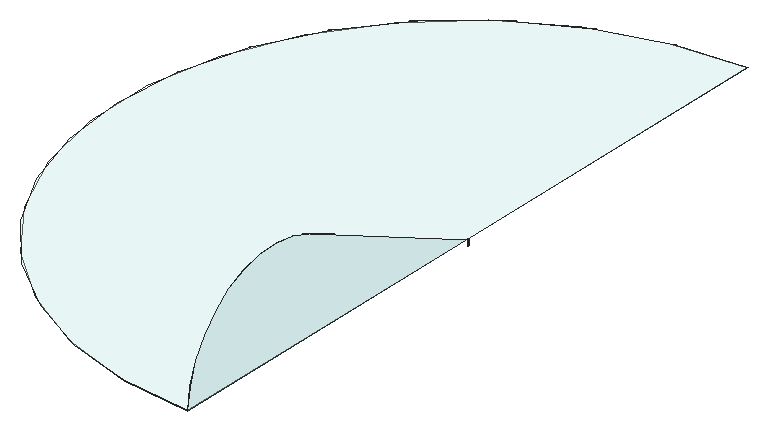
Revit family "Rotor Falvon 6504 Series - 6504PCNP", category Acessórios do tubo, Revit 2020
Family settings
  Cota do conector redondo = Utilizar diâmetro
  Tipo de parte = Normal
  Número OmniClass = 23.60.30.11.14
  Título OmniClass = Pipework Fittings
  Com base no plano de trabalho = Não
  Sempre na vertical = Sim
  Corte com vazios quando carregada = Não
  Compartilhado = Não
Parameters (values of type "Nozzle 18")
  Water = Water
  URL = "https://www.rainbird.com/"
  TABLE 90 = "TABLE 90psi"
  TABLE 80 = "TABLE 80psi"
  TABLE 70 = "TABLE 70psi"
  TABLE 60 = "TABLE 60psi"
  TABLE 50 = "TABLE 50psi"
  TABLE 40 = "TABLE 40psi"
  TABLE 30 = "TABLE 30psi"
  SupportProjetos: Reviw Date = ""  # constant formula
  SupportProjetos: Reviw = "R00"  # constant formula
  SupportProjetos: Level of Detail = "LOD 300"  # constant formula
  SupportProjetos: Developed = "MICHEL SOARES MOTA"  # constant formula
  SupportProjetos: Creation Date = "07/08/2020"  # constant formula
  Side inlet = no
  Rotation Water Visibility [instance] = Pop up on  # yes
  Rotation Angle [instance] = 180.00°
  RainBird: Product Link = "https://www.rainbird.com/"
  RainBird: Description = "FALCON 6504-PC-NP Rotor "  # constant formula
  RainBird: Comment [instance] = ""
  RainBird: Code = "B65021NP"  # constant formula
  Radius [instance] = if(and(Pressure = 30.0 psi, Instance < 3 ft), size_lookup(TABLE 30, "Radius", 0 ft, Instance), if(and(Pressure = 40.0 psi, Instance < 9 ft), size_lookup(TABLE 40, "Radius", 0 ft, Instance), if(and(Pressure = 50.0 psi, Instance < 9 ft), size_lookup(TABLE 50, "Radius", 0 ft, Instance), if(and(Pressure = 60.0 psi, Instance < 9 ft), size_lookup(TABLE 60, "Radius", 0 ft, Instance), if(and(Pressure = 70.0 psi, Instance < 9 ft), size_lookup(TABLE 70, "Radius", 0 ft, Instance), if(and(Pressure = 80.0 psi, Instance < 9 ft), size_lookup(TABLE 80, "Radius", 0 ft, Instance), if(and(Pressure = 90.0 psi, Instance > 7 ft), size_lookup(TABLE 90, "Radius", 600 ft, Instance), 0 ft)))))))  # 63 ft
  RT = 0.009893 ft
  RN = 0.032808 ft
  R5 = 0.03937 ft
  R4 = 0.04101 ft
  R3 = 0.065617 ft
  R2 = 0.075407 ft
  R1 = 0.032808 ft
  Pressure [instance] = 60.0 psi
  Pop up height = 0.334646 ft
  Pop up on [instance] = yes
  Modelo = "6504-PCNP"  # constant formula
  Instance = 8 ft
  H1 = Body height / 3  # 0.236333 ft
  Flow [instance] = if(and(Pressure = 30.0 psi, Instance < 3 ft), size_lookup(TABLE 30, "Flow", 0.0 GPM, Instance), if(and(Pressure = 40.0 psi, Instance < 9 ft), size_lookup(TABLE 40, "Flow", 0.0 GPM, Instance), if(and(Pressure = 50.0 psi, Instance < 9 ft), size_lookup(TABLE 50, "Flow", 0.0 GPM, Instance), if(and(Pressure = 60.0 psi, Instance < 9 ft), size_lookup(TABLE 60, "Flow", 0.0 GPM, Instance), if(and(Pressure = 70.0 psi, Instance < 9 ft), size_lookup(TABLE 70, "Flow", 0.0 GPM, Instance), if(and(Pressure = 80.0 psi, Instance < 9 ft), size_lookup(TABLE 80, "Flow", 0.0 GPM, Instance), if(and(Pressure = 90.0 psi, Instance > 7 ft), size_lookup(TABLE 90, "Flow", 0.0 GPM, Instance), 0.0 GPM)))))))  # 17.1 GPM
  Fabricante = "Rain Bird"
  Elevação padrão = 0 ft
  Description = RainBird: Description  # "FALCON 6504-PC-NP Rotor "
  DD13 = 0.002625 ft
  DD12 = 0.003937 ft
  DD11 = 0.009897 ft
  DD10 = 0.016404 ft
  DD8 [instance] = if(Pop up on, Pop up height, 0 ft)  # 0.334646 ft
  DD7 = 0.019685 ft
  DD6 [instance] = 0.016404 ft
  DD5 = 0.065617 ft
  DD4 = 0.032808 ft
  DD3 = 0.091048 ft
  DD2 [instance] = 0.024514 ft
  DD9 [instance] = if(Pop up on, Pop up height + 0.049541 ft, 0 ft)  # 0.384186 ft
  DD1 = 0.006562 ft
  Conection = 0.062664 ft  # constant formula
  Body height = 0.709 ft  # constant formula
  Blue = Blue Plastic
  Black Plastic = Black Plastic
  Angle = 25.00°
Types (9, lengths in ft): name | Radius | Pressure | Instance | Flow
  (no name) | 63 | 60.0 psi | 8 | 17.1 GPM
  Nozzle 4 | 43 | 80.0 psi | 1 | 4.6 GPM
  Nozzle 6 | 49 | 80.0 psi | 2 | 4.9 GPM
  Nozzle 8 | 53 | 80.0 psi | 3 | 9.4 GPM
  Nozzle 10 | 55 | 80.0 psi | 4 | 11.6 GPM
  Nozzle 12 | 61 | 80.0 psi | 5 | 14.0 GPM
  Tipo 14 | 61 | 80.0 psi | 6 | 16.2 GPM
  Nozzle 16 | 63 | 80.0 psi | 7 | 18.1 GPM
  Nozzle 18 | 63 | 60.0 psi | 8 | 17.1 GPM
Reference planes (ft)
  plane 1 "Centro (Frente/Trás)": y = 0
  plane 2: z = 0
  plane 3 "Centro (Esquerda/Direita)": x = 0
  plane 4: z = 0.003937
  plane 5: z = 0.002625
  plane 6: y = -0.065617
Forms (ft)
  Revolve 1, solid, material "Black Plastic" <- "Black Plastic"
    sketch origin (0, 0, 0) x (1, 0, 0) y (0, 0, 1)
      loop
        line (0.075407, -0.091048) -> (0.075407, -0.035324)
        arc (0.075407, -0.035324) -> (0.072509, -0.028329) -> (0.065514, -0.025431) r 0.009893
        line (0.065514, -0.025431) -> (0.046098, -0.025431) -> (0.046098, 0) -> (0.03937, 0) -> (0.03937, -0.334646) -> (0.019685, -0.334646) -> (0.019685, -0.702438) -> (0.032808, -0.702438) -> (0.032808, -0.709) -> (0.04101, -0.709) -> (0.04101, -0.702438) -> (0.055724, -0.702438)
        arc (0.055724, -0.702438) -> (0.062719, -0.699541) -> (0.065617, -0.692545) r 0.009893
        line (0.065617, -0.692545) -> (0.065617, -0.091048) -> (0.075407, -0.091048)
      axis (0, -0.709) -> (0, 0)
    angle from 0 to 360
  Extrusion 2, solid, material "Black Plastic" <- "Black Plastic"
    sketch origin (0, 0, 0) x (1, 0, 0) y (0, 1, 0)
      loop
        circle (0, 0) r 0.032808
    from -0.334646 to 0.334646
  Extrusion 3, void
    sketch origin (0, 0, 0) x (1, 0, 0) y (0, 1, 0)
      loop
        circle (0, 0) r 0.022844
    from -0.334646 to 0.334646
  Revolve 4, solid, material "Black Plastic" <- "Black Plastic"
    sketch origin (0, 0, 0) x (1, 0, 0) y (0, 0, 1)
      loop
        line (0, 0.334646) -> (0.037004, 0.334646) -> (0.037004, 0.344543)
        arc (0.037004, 0.344543) -> (0.01879, 0.349436) -> (0, 0.35105) r 0.10685
        line (0, 0.35105) -> (0, 0.334646)
      axis (0, 0.334646) -> (0, 0.35105)
    angle from 0 to 360
  Extrusion 5, solid, material "Blue Plastic" <- "Blue"
    sketch origin (0, 0, 0) x (1, 0, 0) y (0, 0, 1)
      loop
        circle (0, 0.310131) r 0.009129
      loop
        circle (0, 0.310131) r 0.004793
    from 0 to 0.034386
  Extrusion 6, void
    sketch origin (0, 0, 0) x (1, 0, 0) y (0, 0, 1)
      loop
        line (-0.02074, 0.328055) -> (-0.02074, 0.282426) -> (0.020672, 0.282426) -> (0.020672, 0.328055) -> (-0.02074, 0.328055)
      loop
        line (-0.018439, 0.325179) -> (-0.018439, 0.285685) -> (0.018179, 0.285685) -> (0.018179, 0.325179) -> (-0.018439, 0.325179)
    from 0.024556 to 0.06931
  Extrusion 7, solid, material "Black Plastic" <- "Black Plastic"
    sketch origin (0, 0, 0) x (1, 0, 0) y (0, 0, 1)
      loop
        line (0.046098, 0) -> (0.046098, -0.036876) -> (0.073493, -0.036876) -> (0.046098, 0)
    from -0.002998 to 0.002998
  Extrusion 8, solid, material "Black Plastic" <- "Black Plastic"
    sketch origin (0, 0, 0) x (-1, 0, 0) y (0, 0, -1)
      loop
        line (0.046098, 0) -> (0.073493, 0.036876) -> (0.046098, 0.036876) -> (0.046098, 0)
    from -0.002998 to 0.002998
  Extrusion 9, solid, material "Black Plastic" <- "Black Plastic"
    sketch origin (0, 0, 0) x (0.866025, 0.5, 0) y (0, 0, 1)
      loop
        line (0.046098, 0) -> (0.046098, -0.036876) -> (0.073493, -0.036876) -> (0.046098, 0)
    from -0.002998 to 0.002998
  Extrusion 10, solid, material "Black Plastic" <- "Black Plastic"
    sketch origin (0, 0, 0) x (-0.866025, -0.5, 0) y (0, 0, -1)
      loop
        line (0.046098, 0) -> (0.073493, 0.036876) -> (0.046098, 0.036876) -> (0.046098, 0)
    from -0.002998 to 0.002998
  Extrusion 11, solid, material "Black Plastic" <- "Black Plastic"
    sketch origin (0, 0, 0) x (0, 1, 0) y (0, 0, 1)
      loop
        line (0.046098, 0) -> (0.046098, -0.036876) -> (0.073493, -0.036876) -> (0.046098, 0)
    from -0.002998 to 0.002998
  Extrusion 12, solid, material "Black Plastic" <- "Black Plastic"
    sketch origin (0, 0, 0) x (0, -1, 0) y (0, 0, -1)
      loop
        line (0.046098, 0) -> (0.073493, 0.036876) -> (0.046098, 0.036876) -> (0.046098, 0)
    from -0.002998 to 0.002998
  Extrusion 13, solid, material "Black Plastic" <- "Black Plastic"
    sketch origin (0, 0, 0) x (0.5, 0.866025, 0) y (0, 0, 1)
      loop
        line (0.046098, 0) -> (0.046098, -0.036876) -> (0.073493, -0.036876) -> (0.046098, 0)
    from -0.002998 to 0.002998
  Extrusion 14, solid, material "Black Plastic" <- "Black Plastic"
    sketch origin (0, 0, 0) x (-0.5, -0.866025, 0) y (0, 0, -1)
      loop
        line (0.046098, 0) -> (0.073493, 0.036876) -> (0.046098, 0.036876) -> (0.046098, 0)
    from -0.002998 to 0.002998
  Extrusion 15, solid, material "Black Plastic" <- "Black Plastic"
    sketch origin (0, 0, 0) x (-0.5, 0.866025, 0) y (0, 0, 1)
      loop
        line (0.046098, 0) -> (0.046098, -0.036876) -> (0.073493, -0.036876) -> (0.046098, 0)
    from -0.002998 to 0.002998
  Extrusion 16, solid, material "Black Plastic" <- "Black Plastic"
    sketch origin (0, 0, 0) x (0.5, -0.866025, 0) y (0, 0, -1)
      loop
        line (0.046098, 0) -> (0.073493, 0.036876) -> (0.046098, 0.036876) -> (0.046098, 0)
    from -0.002998 to 0.002998
  Extrusion 17, solid, material "Black Plastic" <- "Black Plastic"
    sketch origin (0, 0, 0) x (-0.866025, 0.5, 0) y (0, 0, 1)
      loop
        line (0.046098, 0) -> (0.046098, -0.036876) -> (0.073493, -0.036876) -> (0.046098, 0)
    from -0.002998 to 0.002998
  Extrusion 18, solid, material "Black Plastic" <- "Black Plastic"
    sketch origin (0, 0, 0) x (0.866025, -0.5, 0) y (0, 0, -1)
      loop
        line (0.046098, 0) -> (0.073493, 0.036876) -> (0.046098, 0.036876) -> (0.046098, 0)
    from -0.002998 to 0.002998
  Extrusion 19, void
    sketch origin (0, 0, 0) x (1, 0, 0) y (0, 1, 0)
      loop
        line (-0.002998, 0.077702) -> (-0.002998, 0.071655) -> (0.002998, 0.071655) -> (0.002998, 0.077702) -> (-0.002998, 0.077702)
    from -0.091048 to 0.82021
  Extrusion 20, void
    sketch origin (0, 0, 0) x (1, 0, 0) y (0, 1, 0)
      loop
        line (0.002998, -0.077702) -> (0.002998, -0.071655) -> (-0.002998, -0.071655) -> (-0.002998, -0.077702) -> (0.002998, -0.077702)
    from -0.091048 to 0.82021
  Extrusion 21, void
    sketch origin (0, 0, 0) x (0.965926, 0.258819, 0) y (-0.258819, 0.965926, 0)
      loop
        line (-0.002998, 0.077702) -> (-0.002998, 0.071655) -> (0.002998, 0.071655) -> (0.002998, 0.077702) -> (-0.002998, 0.077702)
    from -0.091048 to 0.82021
  Extrusion 22, void
    sketch origin (0, 0, 0) x (0.965926, 0.258819, 0) y (-0.258819, 0.965926, 0)
      loop
        line (0.002998, -0.077702) -> (0.002998, -0.071655) -> (-0.002998, -0.071655) -> (-0.002998, -0.077702) -> (0.002998, -0.077702)
    from -0.091048 to 0.82021
  Extrusion 23, void
    sketch origin (0, 0, 0) x (0.866025, 0.5, 0) y (-0.5, 0.866025, 0)
      loop
        line (-0.002998, 0.077702) -> (-0.002998, 0.071655) -> (0.002998, 0.071655) -> (0.002998, 0.077702) -> (-0.002998, 0.077702)
    from -0.091048 to 0.82021
  Extrusion 24, void
    sketch origin (0, 0, 0) x (0.866025, 0.5, 0) y (-0.5, 0.866025, 0)
      loop
        line (0.002998, -0.077702) -> (0.002998, -0.071655) -> (-0.002998, -0.071655) -> (-0.002998, -0.077702) -> (0.002998, -0.077702)
    from -0.091048 to 0.82021
  Extrusion 25, void
    sketch origin (0, 0, 0) x (0.5, 0.866025, 0) y (-0.866025, 0.5, 0)
      loop
        line (-0.002998, 0.077702) -> (-0.002998, 0.071655) -> (0.002998, 0.071655) -> (0.002998, 0.077702) -> (-0.002998, 0.077702)
    from -0.091048 to 0.82021
  Extrusion 26, void
    sketch origin (0, 0, 0) x (0.5, 0.866025, 0) y (-0.866025, 0.5, 0)
      loop
        line (0.002998, -0.077702) -> (0.002998, -0.071655) -> (-0.002998, -0.071655) -> (-0.002998, -0.077702) -> (0.002998, -0.077702)
    from -0.091048 to 0.82021
  Extrusion 27, void
    sketch origin (0, 0, 0) x (0.707107, 0.707107, 0) y (-0.707107, 0.707107, 0)
      loop
        line (-0.002998, 0.077702) -> (-0.002998, 0.071655) -> (0.002998, 0.071655) -> (0.002998, 0.077702) -> (-0.002998, 0.077702)
    from -0.091048 to 0.82021
  Extrusion 28, void
    sketch origin (0, 0, 0) x (0.707107, 0.707107, 0) y (-0.707107, 0.707107, 0)
      loop
        line (0.002998, -0.077702) -> (0.002998, -0.071655) -> (-0.002998, -0.071655) -> (-0.002998, -0.077702) -> (0.002998, -0.077702)
    from -0.091048 to 0.82021
  Extrusion 29, void
    sketch origin (0, 0, 0) x (0.258819, 0.965926, 0) y (-0.965926, 0.258819, 0)
      loop
        line (-0.002998, 0.077702) -> (-0.002998, 0.071655) -> (0.002998, 0.071655) -> (0.002998, 0.077702) -> (-0.002998, 0.077702)
    from -0.091048 to 0.82021
  Extrusion 30, void
    sketch origin (0, 0, 0) x (0.258819, 0.965926, 0) y (-0.965926, 0.258819, 0)
      loop
        line (0.002998, -0.077702) -> (0.002998, -0.071655) -> (-0.002998, -0.071655) -> (-0.002998, -0.077702) -> (0.002998, -0.077702)
    from -0.091048 to 0.82021
  Extrusion 31, void
    sketch origin (0, 0, 0) x (0, 1, 0) y (-1, 0, 0)
      loop
        line (-0.002998, 0.077702) -> (-0.002998, 0.071655) -> (0.002998, 0.071655) -> (0.002998, 0.077702) -> (-0.002998, 0.077702)
    from -0.091048 to 0.82021
  Extrusion 32, void
    sketch origin (0, 0, 0) x (0, 1, 0) y (-1, 0, 0)
      loop
        line (0.002998, -0.077702) -> (0.002998, -0.071655) -> (-0.002998, -0.071655) -> (-0.002998, -0.077702) -> (0.002998, -0.077702)
    from -0.091048 to 0.82021
  Extrusion 33, void
    sketch origin (0, 0, 0) x (-0.258819, 0.965926, 0) y (-0.965926, -0.258819, 0)
      loop
        line (-0.002998, 0.077702) -> (-0.002998, 0.071655) -> (0.002998, 0.071655) -> (0.002998, 0.077702) -> (-0.002998, 0.077702)
    from -0.091048 to 0.82021
  Extrusion 34, void
    sketch origin (0, 0, 0) x (-0.258819, 0.965926, 0) y (-0.965926, -0.258819, 0)
      loop
        line (0.002998, -0.077702) -> (0.002998, -0.071655) -> (-0.002998, -0.071655) -> (-0.002998, -0.077702) -> (0.002998, -0.077702)
    from -0.091048 to 0.82021
  Extrusion 35, void
    sketch origin (0, 0, 0) x (-0.5, 0.866025, 0) y (-0.866025, -0.5, 0)
      loop
        line (-0.002998, 0.077702) -> (-0.002998, 0.071655) -> (0.002998, 0.071655) -> (0.002998, 0.077702) -> (-0.002998, 0.077702)
    from -0.091048 to 0.82021
  Extrusion 36, void
    sketch origin (0, 0, 0) x (-0.5, 0.866025, 0) y (-0.866025, -0.5, 0)
      loop
        line (0.002998, -0.077702) -> (0.002998, -0.071655) -> (-0.002998, -0.071655) -> (-0.002998, -0.077702) -> (0.002998, -0.077702)
    from -0.091048 to 0.82021
  Extrusion 37, void
    sketch origin (0, 0, 0) x (-0.707107, 0.707107, 0) y (-0.707107, -0.707107, 0)
      loop
        line (-0.002998, 0.077702) -> (-0.002998, 0.071655) -> (0.002998, 0.071655) -> (0.002998, 0.077702) -> (-0.002998, 0.077702)
    from -0.091048 to 0.82021
  Extrusion 38, void
    sketch origin (0, 0, 0) x (-0.707107, 0.707107, 0) y (-0.707107, -0.707107, 0)
      loop
        line (0.002998, -0.077702) -> (0.002998, -0.071655) -> (-0.002998, -0.071655) -> (-0.002998, -0.077702) -> (0.002998, -0.077702)
    from -0.091048 to 0.82021
  Extrusion 39, void
    sketch origin (0, 0, 0) x (-0.866025, 0.5, 0) y (-0.5, -0.866025, 0)
      loop
        line (-0.002998, 0.077702) -> (-0.002998, 0.071655) -> (0.002998, 0.071655) -> (0.002998, 0.077702) -> (-0.002998, 0.077702)
    from -0.091048 to 0.82021
  Extrusion 40, void
    sketch origin (0, 0, 0) x (-0.866025, 0.5, 0) y (-0.5, -0.866025, 0)
      loop
        line (0.002998, -0.077702) -> (0.002998, -0.071655) -> (-0.002998, -0.071655) -> (-0.002998, -0.077702) -> (0.002998, -0.077702)
    from -0.091048 to 0.82021
  Extrusion 41, void
    sketch origin (0, 0, 0) x (-0.965926, 0.258819, 0) y (-0.258819, -0.965926, 0)
      loop
        line (-0.002998, 0.077702) -> (-0.002998, 0.071655) -> (0.002998, 0.071655) -> (0.002998, 0.077702) -> (-0.002998, 0.077702)
    from -0.091048 to 0.82021
  Extrusion 42, void
    sketch origin (0, 0, 0) x (-0.965926, 0.258819, 0) y (-0.258819, -0.965926, 0)
      loop
        line (0.002998, -0.077702) -> (0.002998, -0.071655) -> (-0.002998, -0.071655) -> (-0.002998, -0.077702) -> (0.002998, -0.077702)
    from -0.091048 to 0.82021
  Extrusion 43, solid, material "Water" <- "Water", visible <- "Rotation Water Visibility"
    sketch origin (0, 0, 0) x (0, 1, 0) y (0, 0, 1)
      loop
        line (-0.032808, 0.310131) -> (-35.615202, 16.902474)
        arc (-35.615202, 16.902474) -> (-53.751991, 15.923219) -> (-63.032808, 0.310131) r 19.287003
        line (-63.032808, 0.310131) -> (-0.032808, 0.310131)
    from -0.008202 to 0.008202
Cuts and joins
  Extrusion 3, Extrusion 6 cuts Extrusion 2
  Extrusion 19, Extrusion 20, Extrusion 21, Extrusion 22, Extrusion 23, Extrusion 24, Extrusion 25, Extrusion 26, Extrusion 27, Extrusion 28, Extrusion 29, Extrusion 30, Extrusion 31, Extrusion 32, Extrusion 33, Extrusion 34, Extrusion 35, Extrusion 36, Extrusion 37, Extrusion 38, Extrusion 39, Extrusion 40, Extrusion 41, Extrusion 42 cuts Revolve 1
Dimensions and locks (ft)
  "Body height": level to Revolve 1 sketch curve
  "R2": Revolve 1 sketch curve to plane 3 "Centro (Esquerda/Direita)"
  "DD1": Revolve 1 sketch curve to Revolve 1 sketch curve
  "DD3": level to Revolve 1 sketch curve
  Revolve 1 sketch curve to plane 3 "Centro (Esquerda/Direita)" = 0.065617 ft
  "R4": Revolve 1 sketch curve to plane 3 "Centro (Esquerda/Direita)"
  "RN": Revolve 1 sketch curve to plane 3 "Centro (Esquerda/Direita)"
  "Pop up height": level to Revolve 1 sketch curve
  "R5": plane 3 "Centro (Esquerda/Direita)" to Revolve 1 sketch curve
  "DD7": Revolve 1 sketch curve to plane 3 "Centro (Esquerda/Direita)"
  "DD8": Extrusion 2 to level
  "DD12": plane 4 to level
  "DD13": plane 5 to level
  "R3": plane 6 to plane 1 "Centro (Frente/Trás)"
  "DD5": Revolve 1 sketch curve to Revolve 1 sketch curve
  "DD10": Revolve 4 sketch curve to Revolve 4 sketch curve
  "DD11": Revolve 4 sketch curve to Revolve 4 sketch curve
  "DD2": Revolve 4 to Extrusion 5 sketch curve  (x2)
  Extrusion 7 to plane 3 "Centro (Esquerda/Direita)" = 0.046098 ft
  equal spacing: Extrusion 7, plane 1 "Centro (Frente/Trás)", Extrusion 7
  Extrusion 8 to Extrusion 8 = 0.005995 ft
  Extrusion 9 to Extrusion 9 = 0.005995 ft
  Extrusion 20 sketch curve to Extrusion 20 sketch curve = 0.005995 ft
  Extrusion 22 sketch curve to Extrusion 22 sketch curve = 0.005995 ft
  Extrusion 24 sketch curve to Extrusion 24 sketch curve = 0.005995 ft
  Extrusion 26 sketch curve to Extrusion 26 sketch curve = 0.005995 ft
  Extrusion 28 sketch curve to Extrusion 28 sketch curve = 0.005995 ft
  Extrusion 30 sketch curve to Extrusion 30 sketch curve = 0.005995 ft
  Extrusion 32 sketch curve to Extrusion 32 sketch curve = 0.005995 ft
  Extrusion 34 sketch curve to Extrusion 34 sketch curve = 0.005995 ft
  Extrusion 36 sketch curve to Extrusion 36 sketch curve = 0.005995 ft
  Extrusion 38 sketch curve to Extrusion 38 sketch curve = 0.005995 ft
  Extrusion 40 sketch curve to Extrusion 40 sketch curve = 0.005995 ft
  Extrusion 42 sketch curve to Extrusion 42 sketch curve = 0.005995 ft
  "DD4": plane 1 "Centro (Frente/Trás)" to Extrusion 43 sketch curve
  "DD2": Revolve 4 to Extrusion 43 sketch curve
  "Radius": Extrusion 43 sketch curve to Extrusion 43 sketch curve
  equal spacing: Extrusion 43, plane 3 "Centro (Esquerda/Direita)", Extrusion 43
  "DD6": Extrusion 43 to Extrusion 43
  "DD2": Revolve 4 to nested 1
  "RT": radius of Revolve 1 sketch curve  (x2)
  "R1": radius of Extrusion 2 sketch curve
  "Angle": angle Extrusion 43 sketch curve to Extrusion 43 sketch curve
  aligned and locked: level to plane 2
  aligned and locked: Revolve 1 sketch curve to Revolve 1 sketch curve
  aligned and locked: Extrusion 2 to Revolve 1
  aligned and locked: cut or joined group of Extrusion 2, Extrusion 3, Extrusion 6 to cut or joined group of Extrusion 2, Extrusion 3, Extrusion 6  (x2)
  aligned and locked: Revolve 4 sketch curve to cut or joined group of Extrusion 2, Extrusion 3, Extrusion 6
  aligned and locked: Extrusion 20 to Revolve 1
  aligned and locked: Extrusion 22 to Revolve 1
  aligned and locked: Extrusion 24 to Revolve 1
  aligned and locked: Extrusion 28 to Revolve 1
  aligned and locked: Extrusion 26 to Revolve 1
  aligned and locked: Extrusion 30 to Revolve 1
  aligned and locked: Extrusion 32 to Revolve 1
  aligned and locked: Extrusion 34 to Revolve 1
  aligned and locked: Revolve 1 to Extrusion 36
  aligned and locked: Revolve 1 to Extrusion 38
  aligned and locked: Extrusion 41 to Revolve 1
  aligned and locked: Extrusion 39 to Revolve 1
  aligned and locked: Extrusion 37 to Revolve 1
  aligned and locked: Extrusion 35 to Revolve 1
  aligned and locked: Extrusion 33 to Revolve 1
  aligned and locked: Extrusion 31 to Revolve 1
  aligned and locked: Extrusion 29 to Revolve 1
  aligned and locked: Revolve 1 to Extrusion 25
  aligned and locked: Revolve 1 to Extrusion 27
  aligned and locked: Revolve 1 to Extrusion 19
  aligned and locked: Revolve 1 to Extrusion 21
  aligned and locked: Revolve 1 to Extrusion 42
  aligned and locked: Revolve 1 to Extrusion 40
  aligned and locked: Revolve 1 to Extrusion 23
Automatic sketch dimensions
  plane 1 "Centro (Frente/Trás)" to Extrusion 2 sketch curve = 0 ft
  Extrusion 2 sketch curve to plane 3 "Centro (Esquerda/Direita)" = 0 ft
  plane 1 "Centro (Frente/Trás)" to Extrusion 3 sketch curve = 0 ft
  Extrusion 3 sketch curve to plane 3 "Centro (Esquerda/Direita)" = 0 ft
  Revolve 4 sketch curve to plane 3 "Centro (Esquerda/Direita)" = 0 ft  (x2)
  plane 3 "Centro (Esquerda/Direita)" to Revolve 4 sketch curve = 0.000284 ft
  plane 3 "Centro (Esquerda/Direita)" to Revolve 4 sketch curve = 0.037004 ft
  Revolve 4 sketch curve to Revolve 4 sketch curve = 0.015719 ft
  Revolve 4 sketch curve to Revolve 4 sketch curve = 0.114829 ft
  Extrusion 5 sketch curve to Extrusion 5 sketch curve = 0 ft
  Extrusion 5 sketch curve to plane 3 "Centro (Esquerda/Direita)" = 0 ft
  Extrusion 6 sketch curve to plane 3 "Centro (Esquerda/Direita)" = 0.02074 ft
  Extrusion 6 sketch curve to Extrusion 6 sketch curve = 0.002301 ft
  plane 3 "Centro (Esquerda/Direita)" to Extrusion 6 sketch curve = 0.018179 ft
  Extrusion 6 sketch curve to Extrusion 6 sketch curve = 0.002492 ft
  plane 4 to Extrusion 6 sketch curve = 0.278489 ft
  Extrusion 6 sketch curve to Extrusion 6 sketch curve = 0.003259 ft
  Extrusion 6 sketch curve to Extrusion 6 sketch curve = 0.039494 ft
  Extrusion 6 sketch curve to Extrusion 6 sketch curve = 0.002876 ft
  Extrusion 7 sketch curve to level = 0 ft
  plane 3 "Centro (Esquerda/Direita)" to Extrusion 7 sketch curve = 0.046098 ft
  Extrusion 7 sketch curve to Extrusion 7 sketch curve = 0.027396 ft
  Extrusion 7 sketch curve to Extrusion 7 sketch curve = 0.036876 ft
  Extrusion 8 sketch curve to level = 0 ft
  plane 3 "Centro (Esquerda/Direita)" to Extrusion 8 sketch curve = 0.046098 ft
  Extrusion 8 sketch curve to Extrusion 8 sketch curve = 0.027396 ft
  Extrusion 8 sketch curve to Extrusion 8 sketch curve = 0.036876 ft
  Extrusion 9 sketch curve to level = 0 ft
  Extrusion 9 sketch curve to level = 0.036876 ft
  Extrusion 9 sketch curve to Extrusion 9 sketch curve = 0.027396 ft
  Extrusion 10 sketch curve to level = 0 ft
  Extrusion 10 sketch curve to level = 0.036876 ft
  Extrusion 10 sketch curve to Extrusion 10 sketch curve = 0.027396 ft
  Extrusion 11 sketch curve to level = 0 ft
  Extrusion 11 sketch curve to plane 1 "Centro (Frente/Trás)" = 0.046098 ft
  Extrusion 11 sketch curve to Extrusion 11 sketch curve = 0.027396 ft
  Extrusion 11 sketch curve to Extrusion 11 sketch curve = 0.036876 ft
  Extrusion 12 sketch curve to level = 0 ft
  plane 6 to Extrusion 12 sketch curve = 0.019519 ft
  Extrusion 12 sketch curve to plane 6 = 0.007877 ft
  Extrusion 12 sketch curve to level = 0.036876 ft
  Extrusion 13 sketch curve to level = 0 ft
  Extrusion 13 sketch curve to level = 0.036876 ft
  Extrusion 13 sketch curve to Extrusion 13 sketch curve = 0.027396 ft
  Extrusion 14 sketch curve to level = 0 ft
  Extrusion 14 sketch curve to level = 0.036876 ft
  Extrusion 14 sketch curve to Extrusion 14 sketch curve = 0.027396 ft
  level to Extrusion 15 sketch curve = 0 ft
  Extrusion 15 sketch curve to level = 0.036876 ft
  Extrusion 15 sketch curve to Extrusion 15 sketch curve = 0.027396 ft
  level to Extrusion 16 sketch curve = 0 ft
  Extrusion 16 sketch curve to level = 0.036876 ft
  Extrusion 16 sketch curve to Extrusion 16 sketch curve = 0.027396 ft
  level to Extrusion 17 sketch curve = 0 ft
  Extrusion 17 sketch curve to level = 0.036876 ft
  Extrusion 17 sketch curve to Extrusion 17 sketch curve = 0.027396 ft
  level to Extrusion 18 sketch curve = 0 ft
  Extrusion 18 sketch curve to level = 0.036876 ft
  Extrusion 18 sketch curve to Extrusion 18 sketch curve = 0.027396 ft
  Extrusion 19 sketch curve to plane 3 "Centro (Esquerda/Direita)" = 0.002998 ft
  Extrusion 19 sketch curve to plane 1 "Centro (Frente/Trás)" = 0.071655 ft
  Extrusion 19 sketch curve to Extrusion 19 sketch curve = 0.006047 ft
  plane 3 "Centro (Esquerda/Direita)" to Extrusion 20 sketch curve = 0.002998 ft
  plane 6 to Extrusion 20 sketch curve = 0.006038 ft
  Extrusion 20 sketch curve to Extrusion 20 sketch curve = 0.006047 ft
  plane 3 "Centro (Esquerda/Direita)" to Extrusion 19 sketch curve = 0.002998 ft
  Extrusion 21 sketch curve to plane 3 "Centro (Esquerda/Direita)" = 0.021441 ft
  Extrusion 21 sketch curve to plane 1 "Centro (Frente/Trás)" = 0.068438 ft
  Extrusion 21 sketch curve to Extrusion 21 sketch curve = 0.005995 ft
  Extrusion 21 sketch curve to Extrusion 21 sketch curve = 0.006047 ft
  Extrusion 22 sketch curve to plane 6 = 0.010213 ft
  plane 3 "Centro (Esquerda/Direita)" to Extrusion 22 sketch curve = 0.017215 ft
  Extrusion 22 sketch curve to Extrusion 22 sketch curve = 0.006047 ft
  Extrusion 23 sketch curve to plane 3 "Centro (Esquerda/Direita)" = 0.038424 ft
  Extrusion 23 sketch curve to plane 1 "Centro (Frente/Trás)" = 0.060556 ft
  Extrusion 23 sketch curve to Extrusion 23 sketch curve = 0.005995 ft
  Extrusion 23 sketch curve to Extrusion 23 sketch curve = 0.006047 ft
  Extrusion 24 sketch curve to plane 6 = 0.003174 ft
  plane 3 "Centro (Esquerda/Direita)" to Extrusion 24 sketch curve = 0.036255 ft
  Extrusion 24 sketch curve to Extrusion 24 sketch curve = 0.006047 ft
  Extrusion 25 sketch curve to plane 1 "Centro (Frente/Trás)" = 0.033231 ft
  Extrusion 25 sketch curve to plane 3 "Centro (Esquerda/Direita)" = 0.063554 ft
  Extrusion 25 sketch curve to Extrusion 25 sketch curve = 0.005995 ft
  Extrusion 25 sketch curve to Extrusion 25 sketch curve = 0.006047 ft
  Extrusion 26 sketch curve to plane 6 = 0.02417 ft
  Extrusion 26 sketch curve to plane 3 "Centro (Esquerda/Direita)" = 0.065793 ft
  Extrusion 26 sketch curve to Extrusion 26 sketch curve = 0.006047 ft
  Extrusion 27 sketch curve to plane 1 "Centro (Frente/Trás)" = 0.048548 ft
  Extrusion 27 sketch curve to plane 3 "Centro (Esquerda/Direita)" = 0.052787 ft
  Extrusion 27 sketch curve to Extrusion 27 sketch curve = 0.005995 ft
  Extrusion 27 sketch curve to Extrusion 27 sketch curve = 0.006047 ft
  plane 6 to Extrusion 28 sketch curve = 0.008554 ft
  plane 3 "Centro (Esquerda/Direita)" to Extrusion 28 sketch curve = 0.052824 ft
  Extrusion 28 sketch curve to Extrusion 28 sketch curve = 0.006047 ft
  Extrusion 29 sketch curve to plane 1 "Centro (Frente/Trás)" = 0.01565 ft
  Extrusion 29 sketch curve to plane 3 "Centro (Esquerda/Direita)" = 0.069989 ft
  Extrusion 29 sketch curve to Extrusion 29 sketch curve = 0.005995 ft
  Extrusion 29 sketch curve to Extrusion 29 sketch curve = 0.006047 ft
  plane 1 "Centro (Frente/Trás)" to Extrusion 30 sketch curve = 0.023006 ft
  plane 3 "Centro (Esquerda/Direita)" to Extrusion 30 sketch curve = 0.074278 ft
  Extrusion 30 sketch curve to Extrusion 30 sketch curve = 0.006047 ft
  plane 1 "Centro (Frente/Trás)" to Extrusion 31 sketch curve = 0.002998 ft
  Extrusion 31 sketch curve to plane 1 "Centro (Frente/Trás)" = 0.002998 ft
  Extrusion 31 sketch curve to plane 3 "Centro (Esquerda/Direita)" = 0.071655 ft
  Extrusion 31 sketch curve to Extrusion 31 sketch curve = 0.006047 ft
  plane 1 "Centro (Frente/Trás)" to Extrusion 32 sketch curve = 0.002998 ft
  plane 3 "Centro (Esquerda/Direita)" to Extrusion 32 sketch curve = 0.077702 ft
  Extrusion 32 sketch curve to Extrusion 32 sketch curve = 0.006047 ft
  plane 1 "Centro (Frente/Trás)" to Extrusion 33 sketch curve = 0.021441 ft
  Extrusion 33 sketch curve to plane 3 "Centro (Esquerda/Direita)" = 0.068438 ft
  Extrusion 33 sketch curve to Extrusion 33 sketch curve = 0.005995 ft
  Extrusion 33 sketch curve to Extrusion 33 sketch curve = 0.006047 ft
  Extrusion 34 sketch curve to plane 1 "Centro (Frente/Trás)" = 0.017215 ft
  plane 3 "Centro (Esquerda/Direita)" to Extrusion 34 sketch curve = 0.07583 ft
  Extrusion 34 sketch curve to Extrusion 34 sketch curve = 0.006047 ft
  plane 6 to Extrusion 35 sketch curve = 0.027193 ft
  Extrusion 35 sketch curve to plane 3 "Centro (Esquerda/Direita)" = 0.060556 ft
  Extrusion 35 sketch curve to Extrusion 35 sketch curve = 0.005995 ft
  Extrusion 35 sketch curve to Extrusion 35 sketch curve = 0.006047 ft
  Extrusion 36 sketch curve to plane 1 "Centro (Frente/Trás)" = 0.036255 ft
  plane 3 "Centro (Esquerda/Direita)" to Extrusion 36 sketch curve = 0.068791 ft
  Extrusion 36 sketch curve to Extrusion 36 sketch curve = 0.006047 ft
  plane 6 to Extrusion 37 sketch curve = 0.012829 ft
  Extrusion 37 sketch curve to plane 3 "Centro (Esquerda/Direita)" = 0.048548 ft
  Extrusion 37 sketch curve to Extrusion 37 sketch curve = 0.005995 ft
  Extrusion 37 sketch curve to Extrusion 37 sketch curve = 0.006047 ft
  Extrusion 38 sketch curve to plane 1 "Centro (Frente/Trás)" = 0.052824 ft
  plane 3 "Centro (Esquerda/Direita)" to Extrusion 38 sketch curve = 0.057063 ft
  Extrusion 38 sketch curve to Extrusion 38 sketch curve = 0.006047 ft
  plane 6 to Extrusion 39 sketch curve = 0.002063 ft
  Extrusion 39 sketch curve to plane 3 "Centro (Esquerda/Direita)" = 0.033231 ft
  Extrusion 39 sketch curve to Extrusion 39 sketch curve = 0.005995 ft
  Extrusion 39 sketch curve to Extrusion 39 sketch curve = 0.006047 ft
  plane 3 "Centro (Esquerda/Direita)" to Extrusion 40 sketch curve = 0.041447 ft
  Extrusion 40 sketch curve to plane 1 "Centro (Frente/Trás)" = 0.065793 ft
  Extrusion 40 sketch curve to Extrusion 40 sketch curve = 0.006047 ft
  Extrusion 41 sketch curve to plane 6 = 0.004372 ft
  Extrusion 41 sketch curve to plane 3 "Centro (Esquerda/Direita)" = 0.01565 ft
  Extrusion 41 sketch curve to Extrusion 41 sketch curve = 0.005995 ft
  Extrusion 41 sketch curve to Extrusion 41 sketch curve = 0.006047 ft
  plane 3 "Centro (Esquerda/Direita)" to Extrusion 42 sketch curve = 0.023006 ft
  Extrusion 42 sketch curve to plane 1 "Centro (Frente/Trás)" = 0.074278 ft
  Extrusion 42 sketch curve to Extrusion 42 sketch curve = 0.006047 ft
  Revolve 1 sketch curve to plane 3 "Centro (Esquerda/Direita)" = 0 ft
  Revolve 1 sketch curve to level = 0 ft
  Revolve 1 sketch curve to Revolve 1 sketch curve = 0.019416 ft
  plane 4 to Revolve 1 sketch curve = 0.079347 ft
  Revolve 1 sketch curve to Revolve 1 sketch curve = 0.918635 ft
  Extrusion 43 sketch curve to level = 0.577487 ft
  radius of Extrusion 3 sketch curve = 0.022844 ft
  radius of Extrusion 5 sketch curve = 0.009129 ft
  radius of Extrusion 5 sketch curve = 0.004793 ft
Nested families (ft)
  nested 1: "Water" at (-0.000078, 0, 0.190873) x (0, -1, 0) z (0, 0, 1), DT9 <- "DD4", Radius <- "Radius", visible <- "Rotation Water Visibility", Rotation Angle <- "Rotation Angle", type "Water"
    with Rotation Angle 180.00°, Radius 63 ft, DT9 0.032808 ft, DT8 0 ft, DT7 252 ft, DT4 315 ft, Angle 2 180.00°
Connectors (ft)
  piping at (0, 0, -0.709), diameter 2
    settings: on cut or joined group of Revolve 1, Extrusion 19, Extrusion 20, Extrusion 21, Extrusion 22, Extrusion 23, Extrusion 24, Extrusion 25, Extrusion 26, Extrusion 27, Extrusion 28, Extrusion 29, Extrusion 30, Extrusion 31, Extrusion 32, Extrusion 33, Extrusion 34, Extrusion 35, Extrusion 36, Extrusion 37, Extrusion 38, Extrusion 39, Extrusion 40, Extrusion 41, Extrusion 42, index 1, connector inside diameter 609.6 mm, connector length 0 ft, flow factor 0, pipe flow 0.0 GPM, pressure drop 0.0 psi, fitting loss kfactor 0, connector angle 0.00°, fixture units 0, engagement length 0 ft, angle of deflection 0.00°, flow configuration 0, flow direction 0, fitting loss method 0, system type 28, joint type 0, gender type 0, connector reference index -1, connector utility 0, adjustable connector no, is connector primary yes, connector description ""
Definition of nested family "Water"
  Parameters (values of type "Water")
    Water Visibility (Circle) = yes
    Water = none
    URL = ""
    SupportProjetos: Reviw Date = ""  # constant formula
    SupportProjetos: Level of Detail = "LOD 300"  # constant formula
    SupportProjetos: Developed = "MICHEL SOARES MOTA"  # constant formula
    SupportProjetos: Creation Date = "16/07/2020"  # constant formula
    Rotation Angle [instance] = 90.00°
    Reviw = "R00"  # constant formula
    Radius [instance] = 14 ft
    Model = ""
    Default Elevation = 4 ft
    Description = ""
    DT9 [instance] = 0.032808 ft
    DT8 [instance] = if(Rotation Angle = 360.00°, 10 ft, 0 ft)  # 0 ft
    DT7 [instance] = 4 * Radius  # 56 ft
    DT4 [instance] = 5 * Radius  # 70 ft
    DT2 = 0.098425 ft  # constant formula
    DT6 = 0 ft
    Angle 2 [instance] = if(Rotation Angle = 360.00°, 180.00°, 360.00° - Rotation Angle)  # 270.00°
  Reference planes (ft)
    plane 1 "Centro (Frente/Trás)": y = 0
    plane 2: z = 0
    plane 3 "Centro (Esquerda/Direita)": x = 0
  Forms (ft)
    Revolve 1, solid, material <- "Water", visible <- "Water Visibility (Circle)"
      sketch origin (0, 0, 0) x (1, 0, 0) y (0, 0, 1)
        loop
          line (0.032808, 0.098425) -> (14.032808, 0.098425) -> (14.032808, 0.119259) -> (0.032808, 0.119259) -> (0.032808, 0.098425)
        axis (0, 0.098425) -> (0, 0.119259)
      angle from 0 to 360
    Extrusion 2, void
      sketch origin (0, 0, 0) x (1, 0, 0) y (0, 1, 0)
        loop
          line (0, 0) -> (70, 0) -> (70, 56)
          arc (70, 56) -> (-70.459018, 51.588344) -> (0, -70) r 81.847109
          line (0, -70) -> (0, 0)
      from 0 to 15.189231
  Cuts and joins
    Extrusion 2 cuts Revolve 1
  Dimensions and locks (ft)
    "DT2": Revolve 1 sketch curve to level
    "DT4": Extrusion 2 sketch curve to Extrusion 2 sketch curve  (x2)
    "DT6": Extrusion 2 sketch curve to plane 3 "Centro (Esquerda/Direita)"
    "DT7": Extrusion 2 sketch curve to Extrusion 2 sketch curve
    "DT8": cut or joined group of Revolve 1, Extrusion 2 to level
    "Radius": Revolve 1 sketch curve to Revolve 1 sketch curve
    "DT9": Revolve 1 sketch curve to plane 3 "Centro (Esquerda/Direita)"
    "Angle 2": angle Extrusion 2 sketch curve to Extrusion 2 sketch curve
    aligned and locked: level to plane 2
    aligned and locked: plane 1 "Centro (Frente/Trás)" to Extrusion 2 sketch curve
  Automatic sketch dimensions
    plane 3 "Centro (Esquerda/Direita)" to Extrusion 2 sketch curve = 1.088227 ft
    Revolve 1 sketch curve to plane 3 "Centro (Esquerda/Direita)" = 0 ft
    Revolve 1 sketch curve to Revolve 1 sketch curve = 0.020833 ft
    Revolve 1 sketch curve to Revolve 1 sketch curve = 0.032113 ft
    Revolve 1 sketch curve to Revolve 1 sketch curve = 10.2693 ft
